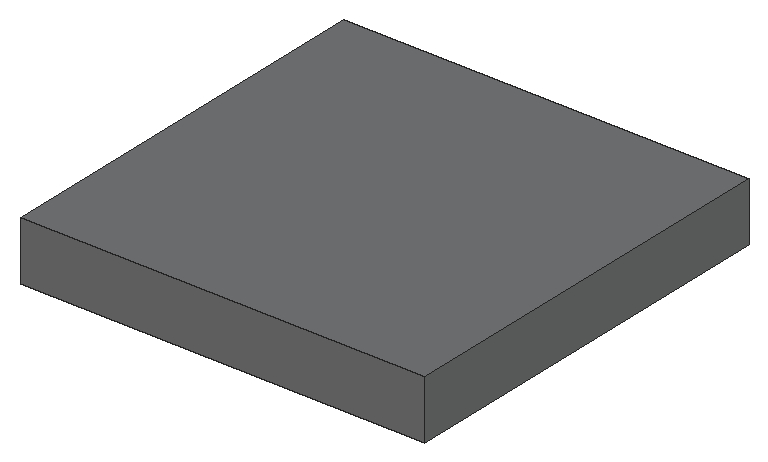
Revit family "Gira_0286600", category Electrical Fixtures, host Face, Revit 2017
Family settings
  Host = Face
  Maintain Annotation Orientation = No
  Round Connector Dimension = Use Diameter
  Part Type = Normal
  Cut with Voids When Loaded = No
  Shared = No
  Room Calculation Point = No
Parameters (values of type "Wippe Symb. Klingel System 55 Edelstahl")
  Werkstoffgüte = "sonstige"
  Werkstoff = "sonstige"
  Verwendung = "Schalter/Taster"
  URL = "http://katalog.gira.de/de_DE/datenblatt.html?artikelnr=0286600"
  Region = "DE"
  Oberfläche = "sonstige"
  Name = "Wippe Symb. Klingel System 55 Edelstahl"
  Mit austauschbarer Linse/Symbol = "No"
  Mit Beschriftungsfeld = "No"
  Manufacturer URL = "https://www.gira.de/"
  Kontrollfenster/Lichtauslass = "Yes"
  Keynote = "Sys55_Abdeckung_Schalten und Tasten"
  HeinzeBIM = "https://bimportal.heinze.de/bim/wippe-symb-klingel-system-55-edelstahl/9c0fa51ce85ba10247fa49edcb8f593f29ec506d"
  Halogenfrei = "No"
  HAN = "0286600"
  Geeignet für Schutzart (IP) = "IP20"
  Geeignet für Bussystem-Tasterankopplung = "No"
  GTIN = "4010337021698"
  Farbe = "edelstahl"
  Default Elevation = 1219.2 mm
  Data sheet (1) = "https://katalog.gira.de/de_DE/download.html?artikelnr=0286600"
  Category = "Abdeckung/Bedienelement für Installationsschalterprogramme"
  Befestigungsart = "Klemmbefestigung"
  Available = "Yes"
  Ausführung = "einteilige Wippe"
  Aufdruck/Kennzeichnung = "Symbol \"Klingel\""
  Anthrazit [instance] = Anthrazit
  Abtastbares Symbol/barrierefrei = "No"
Reference planes
  plane 1 "Center (Front/Back)": y = 0
  plane 2: z = 0
  plane 3 "Center (Left/Right)": x = 0
Forms (mm)
  Extrusion 1, solid, material "Anthrazit" <- "Anthrazit", detail levels fine
    sketch origin (0, 0, 0) x (1, 0, 0) y (0, 1, 0)
      loop
        line (-27.5, 27.5) -> (-27.5, -27.5) -> (27.5, -27.5) -> (27.5, 27.5) -> (-27.5, 27.5)
    from 0 to 8
  Extrusion 2, void
    sketch origin (0, 0, 0) x (1, 0, 0) y (0, 1, 0)
      loop
        line (26, 26) -> (-26, 26) -> (-26, -26) -> (26, -26) -> (26, 26)
    from 0 to 6
  Extrusion 3, solid, material "Anthrazit" <- "Anthrazit", detail levels medium
    sketch origin (0, 0, 0) x (1, 0, 0) y (0, 1, 0)
      loop
        line (-27.5, 27.5) -> (-27.5, -27.5) -> (27.5, -27.5) -> (27.5, 27.5) -> (-27.5, 27.5)
    from 0 to 8
  Extrusion 4, solid, material "Anthrazit" <- "Anthrazit", detail levels medium
    sketch origin (0, 0, 0) x (1, 0, 0) y (0, 1, 0)
      loop
        line (11, -17.5) -> (11, 17.5) -> (-11, 17.5) -> (-11, -17.5) -> (11, -17.5)
    from -6 to 6
  Extrusion 5, solid, material "Anthrazit" <- "Anthrazit", detail levels fine
    sketch origin (0, 0, 0) x (1, 0, 0) y (0, 1, 0)
      loop
        line (11, 17.5) -> (-11, 17.5) -> (-11, 16.5) -> (11, 16.5) -> (11, 17.5)
      loop
        line (-11, -16.5) -> (-11, -17.5) -> (11, -17.5) -> (11, -16.5) -> (-11, -16.5)
    from -4 to 6
  Extrusion 6, solid, material "Anthrazit" <- "Anthrazit", detail levels fine
    sketch origin (0, 0, 0) x (1, 0, 0) y (0, 1, 0)
      loop
        arc (5, 9.347) -> (0, 10.6) -> (-5, 9.347) r 10.6
        line (-5, 9.347) -> (-5, -9.347)
        arc (-5, -9.347) -> (0, -10.6) -> (5, -9.347) r 10.6
        line (5, -9.347) -> (5, 9.347)
    from -6 to 6
  Extrusion 7, solid, material "Anthrazit" <- "Anthrazit", detail levels coarse
    sketch origin (0, 0, 0) x (1, 0, 0) y (0, 1, 0)
      loop
        line (-27.5, 27.5) -> (-27.5, -27.5) -> (27.5, -27.5) -> (27.5, 27.5) -> (-27.5, 27.5)
    from -6 to 8
Cuts and joins
  Extrusion 2 cuts Extrusion 1
Dimensions and locks
  aligned and locked: plane 2 to host face
  aligned and locked: level to host face
